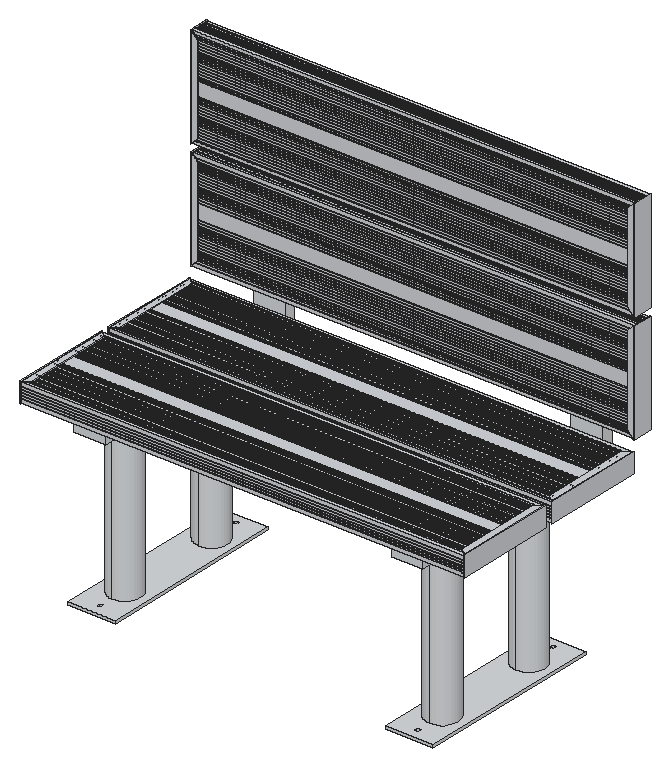
Revit family "Locker_Benches_ADA-Salsbury_Industries-Aluminum_77770_Series", category Specialty Equipment, Revit 2016 (continued)
Definition of nested family "Aluminum Bench Plank_77770_Series - Vertical"
  Dimensions and locks (in)
    equal spacing: plane 12, plane 84, plane 14, plane 16, plane 17, plane 18, plane 19, plane 20, plane 21, plane 22, plane 23, plane 24, plane 25, plane 26, plane 27, plane 28, plane 29, plane 30, plane 31, plane 32, plane 33, plane 34, plane 35, plane 36, plane 37, plane 38, plane 39, plane 40, plane 81, plane 10
    equal spacing: plane 11, plane 83, plane 82, plane 41, plane 42, plane 43, plane 44, plane 45, plane 46, plane 47, plane 48, plane 49, plane 50, plane 51, plane 52, plane 53, plane 54, plane 55, plane 56, plane 57, plane 58, plane 59, plane 60, plane 61, plane 62, plane 63, plane 64, plane 65, plane 66, plane 13
    locked: plane 7 "Left Side of Bench" to plane 67 "Left Side of Seat Plank" at 0.063
    locked: plane 68 "Right Side of Seat Plank" to plane 6 "Right Side of Bench" at 0.063
    locked: plane 69 to plane 8 "Top of Bench" at 0.313
    locked: plane 9 to plane 77 at 0.313
    equal spacing: plane 69, plane 70, plane 71, plane 72, plane 73, plane 74, plane 75, plane 76, plane 80, plane 77
    locked: plane 4 "Back of Bench" to plane 78 at 0.063
    locked: plane 79 to plane 5 "Front Side of Bench" at 0.063
    locked: plane 7 "Left Side of Bench" to plane 85 at 0.688
    locked: plane 86 to plane 6 "Right Side of Bench" at 0.688
    locked: plane 8 "Top of Bench" to plane 87 "Top of Encaps" at 0.063
    locked: plane 88 to plane 5 "Front Side of Bench" at 0.625
    locked: plane 4 "Back of Bench" to plane 89 at 0.625
    locked: plane 9 to plane 90 "Bottom of Endcaps" at 0.063
    plane 7 "Left Side of Bench" to plane 91 "Left Pedestal Center" = 6.000"
    plane 92 "Right Pedestal Center" to plane 6 "Right Side of Bench" = 6.000"
    plane 95 to plane 92 "Right Pedestal Center" to plane 96 = 2.250" locked, 2.250" locked
    plane 93 to plane 91 "Left Pedestal Center" to plane 94 = 2.250" locked, 2.250" locked
    plane 98 to plane 1 "Center (Front/Back)" to plane 97 = 4.250" locked, 4.250" locked
    plane 100 to plane 1 "Center (Front/Back)" to plane 99 = 5.500" locked, 5.500" locked
    locked: plane 102 to plane 99 at 1.5
    locked: plane 100 to plane 101 at 1.5
    locked: plane 93 to plane 103 at 1.063
    locked: plane 104 to plane 94 at 1.063
    locked: plane 95 to plane 105 at 1.063
    locked: plane 106 to plane 96 at 1.063
    locked: plane 93 to plane 107 at 0.74865
    locked: plane 108 to plane 94 at 0.75
    locked: plane 95 to plane 109 at 0.75
    locked: plane 110 to plane 96 at 0.75
    aligned and locked: plane 2 "Floor" to level
    aligned and locked: Extrusion 1 sketch curve to plane 69  (x2)
    aligned and locked: plane 70 to Extrusion 1 sketch curve  (x2)
    aligned and locked: Extrusion 1 sketch curve to plane 71  (x2)
    aligned and locked: plane 72 to Extrusion 1 sketch curve  (x2)
    aligned and locked: Extrusion 1 sketch curve to plane 73  (x2)
    aligned and locked: plane 74 to Extrusion 1 sketch curve  (x2)
    aligned and locked: Extrusion 1 sketch curve to plane 75  (x2)
    aligned and locked: plane 76 to Extrusion 1 sketch curve  (x2)
    aligned and locked: Extrusion 1 sketch curve to plane 80  (x2)
    aligned and locked: plane 77 to Extrusion 1 sketch curve  (x2)
    aligned and locked: plane 9 to Extrusion 1 sketch curve
    aligned and locked: Extrusion 1 sketch curve to plane 8 "Top of Bench"  (x31)
    aligned and locked: Extrusion 1 sketch curve to plane 15  (x29)
    aligned and locked: plane 67 "Left Side of Seat Plank" to Extrusion 1
    aligned and locked: plane 87 "Top of Encaps" to Extrusion 2 sketch curve
    aligned and locked: Extrusion 2 sketch curve to plane 90 "Bottom of Endcaps"
    aligned and locked: Extrusion 2 to plane 67 "Left Side of Seat Plank"
    aligned and locked: plane 90 "Bottom of Endcaps" to Extrusion 3 sketch curve
    aligned and locked: Extrusion 3 sketch curve to plane 87 "Top of Encaps"
    aligned and locked: plane 6 "Right Side of Bench" to Extrusion 3
    aligned and locked: plane 68 "Right Side of Seat Plank" to Extrusion 3
    aligned and locked: Extrusion 4 sketch curve to plane 85
    aligned and locked: Extrusion 4 to plane 8 "Top of Bench"
    aligned and locked: plane 67 "Left Side of Seat Plank" to Extrusion 4 sketch curve
    aligned and locked: Extrusion 4 to plane 87 "Top of Encaps"
    aligned and locked: plane 9 to Extrusion 5
    aligned and locked: Extrusion 5 to plane 90 "Bottom of Endcaps"
    aligned and locked: plane 67 "Left Side of Seat Plank" to Extrusion 5 sketch curve
    aligned and locked: Extrusion 5 sketch curve to plane 85
    aligned and locked: plane 68 "Right Side of Seat Plank" to Extrusion 6 sketch curve
    aligned and locked: Extrusion 6 sketch curve to plane 86
    aligned and locked: plane 68 "Right Side of Seat Plank" to Extrusion 7 sketch curve
    aligned and locked: Extrusion 7 sketch curve to plane 86
    aligned and locked: Extrusion 7 to plane 90 "Bottom of Endcaps"
    aligned and locked: plane 9 to Extrusion 7
    aligned and locked: Extrusion 6 to plane 87 "Top of Encaps"
    aligned and locked: Extrusion 6 to plane 8 "Top of Bench"
    aligned and locked: Extrusion 1 to plane 68 "Right Side of Seat Plank"
    aligned and locked: plane 6 "Right Side of Bench" to curve 4
    aligned and locked: curve 2 to plane 7 "Left Side of Bench"
    aligned and locked: curve 6 to plane 7 "Left Side of Bench"
    aligned and locked: plane 6 "Right Side of Bench" to curve 8
    aligned and locked: curve 11 to plane 90 "Bottom of Endcaps"
    aligned and locked: plane 87 "Top of Encaps" to curve 9
  Automatic sketch dimensions
    plane 111 to curve 7 = 3.31419"
    curve 6 to plane 112 = 3.3125"
    Extrusion 1 sketch curve to plane 15 = 0.000"
    level to Extrusion 1 sketch curve = 1.65769"  (x2)
    Extrusion 1 sketch curve to Extrusion 1 sketch curve = 0.000"  (x7)
    Extrusion 1 sketch curve to Extrusion 1 sketch curve = 0.063"  (x11)
    Extrusion 1 sketch curve to Extrusion 1 sketch curve = 0.3125"
    Extrusion 1 sketch curve to Extrusion 1 sketch curve = 0.13255"  (x54)
    plane 111 to Extrusion 1 sketch curve = 0.08555"
    Extrusion 1 sketch curve to plane 111 = 0.047"
    plane 112 to Extrusion 1 sketch curve = 0.844"
    plane 112 to Extrusion 1 sketch curve = 0.04869"
    Extrusion 1 sketch curve to plane 112 = 0.08386"
    Extrusion 1 sketch curve to Extrusion 1 sketch curve = 0.2495"  (x2)
    Extrusion 2 sketch curve to plane 112 = 3.3125"
    level to Extrusion 2 sketch curve = 1.65769"
    Extrusion 3 sketch curve to plane 112 = 3.3125"
    level to Extrusion 3 sketch curve = 1.65769"
    Extrusion 5 sketch curve to plane 112 = 3.3125"
    Extrusion 5 sketch curve to Extrusion 5 sketch curve = 0.625"
    level to Extrusion 5 sketch curve = 2.28269"
    level to Extrusion 5 sketch curve = 1.65769"
    plane 112 to Extrusion 6 sketch curve = 3.3125"
    Extrusion 6 sketch curve to Extrusion 6 sketch curve = 0.625"
    Extrusion 6 sketch curve to level = 2.28269"
    Extrusion 6 sketch curve to level = 1.65769"
    plane 112 to Extrusion 7 sketch curve = 3.3125"
    Extrusion 7 sketch curve to Extrusion 7 sketch curve = 0.625"
    Extrusion 7 sketch curve to level = 2.28269"
    Extrusion 7 sketch curve to level = 1.65769"
    level to curve 11 = 1.65769"
    curve 11 to plane 112 = 3.3125"
    Extrusion 4 sketch curve to plane 112 = 3.3125"
    Extrusion 4 sketch curve to Extrusion 4 sketch curve = 0.625"  (x2)
    level to Extrusion 4 sketch curve = 1.65769"
    plane 9 to curve 2 = 0.063"
    plane 87 "Top of Encaps" to curve 3 = 0.000"
Types (5): name | Width | Vertical Plank Length | Type Comments | Plank Length | Pedestal Top Plate | Pedestal Height Offset | Model | Height | Depth | Back Support
  (no name) | 42.000" | Aluminum Bench Plank_77770_Series - Vertical : 42" Wide Plank | "Aluminum ADA Locker Bench with Back Support" | Aluminum Bench Plank_77770_Series : 42" Wide Plank | no | 15.000" | "77771-ADAB" | 39.000" | 23.000" | yes
  77771-ADA | 42.000" | Aluminum Bench Plank_77770_Series - Vertical : 42" Wide Plank | "Aluminum ADA Locker Bench" | Aluminum Bench Plank_77770_Series : 42" Wide Plank | yes | 16.000" | "77771-ADA" | 18.000" | 20.000" | no
  77771-ADAB | 42.000" | Aluminum Bench Plank_77770_Series - Vertical : 42" Wide Plank | "Aluminum ADA Locker Bench with Back Support" | Aluminum Bench Plank_77770_Series : 42" Wide Plank | no | 15.000" | "77771-ADAB" | 39.000" | 23.000" | yes
  77772-ADAB | 48.000" | Aluminum Bench Plank_77770_Series - Vertical : 48" Wide Plank | "Aluminum ADA Locker Bench with Back Support" | Aluminum Bench Plank_77770_Series : 48" Wide Plank | no | 15.000" | "77772-ADAB" | 39.000" | 23.000" | yes
  77772-ADA | 48.000" | Aluminum Bench Plank_77770_Series - Vertical : 48" Wide Plank | "Aluminum ADA Locker Bench" | Aluminum Bench Plank_77770_Series : 48" Wide Plank | yes | 16.000" | "77772-ADA" | 18.000" | 20.000" | no
